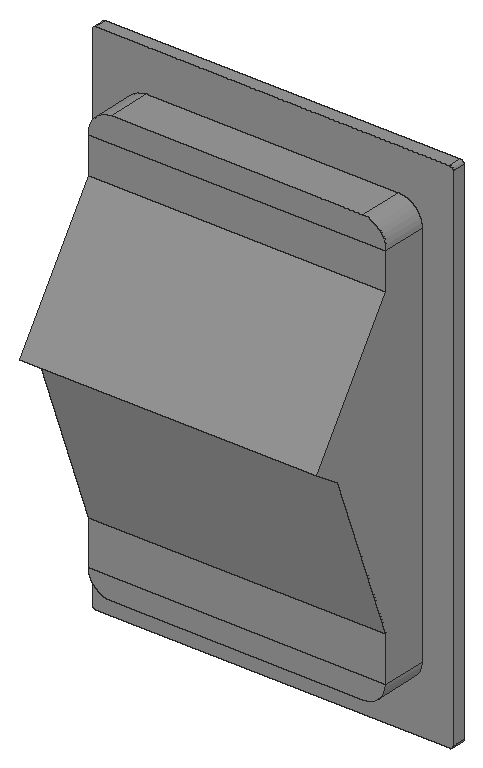
Revit family "L&L_LUCE&LIGHT_PASITO_MINI_1.1", category Lighting Fixtures, host Wall, Revit 2018 (continued)
Types (2, lengths in mm): name | built-in parameter 1150142 | Photometric Web File
    00 0.00 0.00 0.00 0.00 0.00 0.00 0.00 0.00 0.00 0.00 \r\n0.00 0.00 0.00 0.00 0.00 0.00 0.00 0.00 0.00 0.00 0.00 \r\n0.00 0.00 0.00 0.00 0.00 0.00 0.00 0.00 0.00 0.00 0.00 \r\n0.00 0.00 0.00 0.00 0.00 0.00 0.00 0.00 0.00 0.00 0.00 \r\n0.00 0.00 0.00 0.01 0.02 \r\n0.03 0.03 0.02 0.00 0.00 0.00 0.00 0.00 0.00 0.00 0.00 \r\n0.00 0.00 0.00 0.00 0.00 0.00 0.00 0.00 0.00 0.00 0.00 \r\n0.00 0.00 0.00 0.00 0.00 0.00 0.00 0.00 0.00 0.00 0.00 \r\n0.00 0.00 0.00 0.00 0.00 0.00 0.00 0.00 0.00 0.00 0.00 \r\n0.00 0.00 0.00 0.00 0.00 0.00 0.00 0.00 0.00 0.00 0.00 \r\n0.00 0.00 0.00 0.00 0.00 0.00 0.00 0.00 0.00 0.00 0.00 \r\n0.00 0.00 0.00 0.00 0.00 0.00 0.00 0.00 0.00 0.00 0.00 \r\n0.00 0.00 0.00 0.00 0.00 0.00 0.00 0.00 0.00 0.00 0.00 \r\n0.00 0.00 0.00 0.00 0.00 0.00 0.00 0.00 0.00 0.00 0.00 \r\n0.00 0.00 0.00 0.00 0.00 0.00 0.00 0.00 0.00 0.00 0.00 \r\n0.00 0.00 0.00 0.00 0.00 0.00 0.00 0.00 0.00 0.00 0.00 \r\n0.00 0.00 0.00 0.00 0.00 0.00 0.00 0.00 0.00 0.00 0.00 \r\n0.00 0.00 0.00 0.00 0.00 0.00 0.00 0.00 0.00 0.00 0.00 \r\n0.00 0.00 0.00 0.00 0.00 0.00 0.00 0.00 0.00 0.00 0.00 \r\n0.00 0.00 0.00 0.00 0.00 0.00 0.00 0.00 0.00 0.00 0.00 \r\n0.00 0.00 0.00 0.00 0.00 0.00 0.00 0.00 0.00 0.00 0.00 \r\n0.00 0.00 0.01 0.01 0.02 \r\n0.03 0.03 0.02 0.01 0.00 0.00 0.00 0.00 0.00 0.00 0.00 \r\n0.00 0.00 0.00 0.00 0.00 0.00 0.00 0.00 0.00 0.00 0.00 \r\n0.00 0.00 0.00 0.00 0.00 0.00 0.00 0.00 0.00 0.00 0.00 \r\n0.00 0.00 0.00 0.00 0.00 0.00 0.00 0.00 0.00 0.00 0.00 \r\n0.00 0.00 0.00 0.00 0.00 0.00 0.00 0.00 0.00 0.00 0.00 \r\n0.00 0.00 0.00 0.00 0.00 0.00 0.00 0.00 0.00 0.00 0.00 \r\n0.00 0.00 0.00 0.00 0.00 0.00 0.00 0.00 0.00 0.00 0.00 \r\n0.00 0.00 0.00 0.00 0.00 0.00 0.00 0.00 0.00 0.00 0.00 \r\n0.00 0.00 0.00 0.00 0.00 0.00 0.00 0.00 0.00 0.00 0.00 \r\n0.00 0.00 0.00 0.00 0.00 0.00 0.00 0.00 0.00 0.00 0.00 \r\n0.00 0.00 0.00 0.00 0.00 0.00 0.00 0.00 0.00 0.00 0.00 \r\n0.00 0.00 0.00 0.00 0.00 0.00 0.00 0.00 0.00 0.00 0.00 \r\n0.00 0.00 0.00 0.00 0.00 0.00 0.00 0.00 0.00 0.00 0.00 \r\n0.00 0.00 0.00 0.00 0.00 0.00 0.00 0.00 0.00 0.00 0.00 \r\n0.00 0.00 0.00 0.00 0.00 0.00 0.00 0.00 0.00 0.00 0.00 \r\n0.00 0.00 0.00 0.00 0.00 0.00 0.00 0.00 0.00 0.00 0.00 \r\n0.00 0.00 0.01 0.01 0.02 \r\n0.03 0.03 0.03 0.03 0.02 0.01 0.00 0.00 0.00 0.00 0.00 \r\n0.00 0.00 0.00 0.00 0.00 0.00 0.00 0.00 0.00 0.00 0.00 \r\n0.00 0.00 0.00 0.00 0.00 0.00 0.00 0.00 0.00 0.00 0.00 \r\n0.00 0.00 0.00 0.00 0.00 0.00 0.00 0.00 0.00 0.00 0.00 \r\n0.00 0.00 0.00 0.00 0.00 0.00 0.00 0.00 0.00 0.00 0.00 \r\n0.00 0.00 0.00 0.00 0.00 0.00 0.00 0.00 0.00 0.00 0.00 \r\n0.00 0.00 0.00 0.00 0.00 0.00 0.00 0.00 0.00 0.00 0.00 \r\n0.00 0.00 0.00 0.00 0.00 0.00 0.00 0.00 0.00 0.00 0.00 \r\n0.00 0.00 0.00 0.00 0.00 0.00 0.00 0.00 0.00 0.00 0.00 \r\n0.00 0.00 0.00 0.00 0.00 0.00 0.00 0.00 0.00 0.00 0.00 \r\n0.00 0.00 0.00 0.00 0.00 0.00 0.00 0.00 0.00 0.00 0.00 \r\n0.00 0.00 0.00 0.00 0.00 0.00 0.00 0.00 0.00 0.00 0.00 \r\n0.00 0.00 0.00 0.00 0.00 0.00 0.00 0.00 0.00 0.00 0.00 \r\n0.00 0.00 0.00 0.00 0.00 0.00 0.00 0.00 0.00 0.00 0.00 \r\n0.00 0.00 0.00 0.00 0.00 0.00 0.00 0.00 0.00 0.00 0.00 \r\n0.00 0.00 0.00 0.00 0.00 0.00 0.00 0.00 0.00 0.00 0.00 \r\n0.01 0.01 0.01 0.01 0.02 \r\n0.03 0.03 0.03 0.03 0.03 0.03 0.02 0.02 0.01 0.01 0.00 \r\n0.00 0.00 0.00 0.00 0.00 0.00 0.00 0.00 0.00 0.00 0.00 \r\n0.00 0.00 0.00 0.00 0.00 0.00 0.00 0.00 0.00 0.00 0.00 \r\n0.00 0.00 0.00 0.00 0.00 0.00 0.00 0.00 0.00 0.00 0.00 \r\n0.00 0.00 0.00 0.00 0.00 0.00 0.00 0.00 0.00 0.00 0.00 \r\n0.00 0.00 0.00 0.00 0.00 0.00 0.00 0.00 0.00 0.00 0.00 \r\n0.00 0.00 0.00 0.00 0.00 0.00 0.00 0.00 0.00 0.00 0.00 \r\n0.00 0.00 0.00 0.00 0.00 0.00 0.00 0.00 0.00 0.00 0.00 \r\n0.00 0.00 0.00 0.00 0.00 0.00 0.00 0.00 0.00 0.00 0.00 \r\n0.00 0.00 0.00 0.00 0.00 0.00 0.00 0.00 0.00 0.00 0.00 \r\n0.00 0.00 0.00 0.00 0.00 0.00 0.00 0.00 0.00 0.00 0.00 \r\n0.00 0.00 0.00 0.00 0.00 0.00 0.00 0.00 0.00 0.00 0.00 \r\n0.00 0.00 0.00 0.00 0.00 0.00 0.00 0.00 0.00 0.00 0.00 \r\n0.00 0.00 0.00 0.00 0.00 0.00 0.00 0.00 0.00 0.00 0.00 \r\n0.00 0.00 0.00 0.00 0.00 0.00 0.00 0.00 0.00 0.00 0.00 \r\n0.00 0.00 0.00 0.00 0.00 0.00 0.01 0.01 0.01 0.01 0.01 \r\n0.01 0.01 0.01 0.02 0.02 \r\n0.03 0.04 0.04 0.04 0.04 0.05 0.05 0.06 0.06 0.07 0.07 \r\n0.08 0.09 0.09 0.10 0.11 0.12 0.13 0.13 0.14 0.15 0.16 \r\n0.17 0.17 0.18 0.19 0.20 0.21 0.21 0.22 0.23 0.24 0.24 \r\n0.25 0.26 0.26 0.27 0.27 0.28 0.28 0.29 0.29 0.30 0.30 \r\n0.31 0.31 0.32 0.33 0.33 0.34 0.34 0.35 0.36 0.36 0.37 \r\n0.38 0.38 0.39 0.39 0.40 0.41 0.41 0.42 0.43 0.43 0.44 \r\n0.44 0.45 0.46 0.46 0.47 0.47 0.48 0.48 0.49 0.50 0.50 \r\n0.51 0.51 0.52 0.52 0.52 0.53 0.53 0.53 0.54 0.54 0.54 \r\n0.54 0.55 0.55 0.55 0.55 0.55 0.55 0.54 0.54 0.54 0.54 \r\n0.54 0.53 0.53 0.53 0.53 0.52 0.52 0.51 0.51 0.51 0.50 \r\n0.50 0.49 0.49 0.48 0.48 0.47 0.47 0.46 0.46 0.45 0.45 \r\n0.44 0.43 0.43 0.42 0.41 0.41 0.40 0.39 0.38 0.38 0.37 \r\n0.36 0.35 0.35 0.34 0.33 0.32 0.31 0.30 0.30 0.29 0.28 \r\n0.27 0.26 0.25 0.24 0.23 0.22 0.21 0.21 0.20 0.19 0.18 \r\n0.17 0.16 0.15 0.14 0.13 0.12 0.11 0.11 0.10 0.09 0.08 \r\n0.07 0.06 0.05 0.04 0.03 0.03 0.03 0.02 0.02 0.02 0.02 \r\n0.02 0.02 0.02 0.02 0.02 \r\n0.03 0.05 0.07 0.10 0.14 0.17 0.20 0.24 0.28 0.32 0.36 \r\n0.40 0.46 0.55 0.65 0.75 0.84 0.92 1.01 1.10 1.18 1.28 \r\n1.39 1.50 1.62 1.74 1.86 1.98 2.11 2.25 2.38 2.50 2.62 \r\n2.73 2.85 2.98 3.12 3.27 3.43 3.59 3.74 3.87 4.00 4.13 \r\n4.25 4.37 4.49 4.60 4.70 4.80 4.89 4.97 5.04 5.11 5.17 \r\n5.24 5.30 5.36 5.42 5.47 5.53 5.58 5.63 5.67 5.71 5.74 \r\n5.77 5.81 5.84 5.87 5.89 5.91 5.92 5.91 5.91 5.90 5.89 \r\n5.88 5.87 5.86 5.84 5.81 5.78 5.75 5.71 5.67 5.64 5.61 \r\n5.58 5.55 5.51 5.47 5.41 5.35 5.26 5.15 5.02 4.88 4.72 \r\n4.56 4.41 4.26 4.12 3.98 3.85 3.72 3.58 3.45 3.33 3.21 \r\n3.10 3.00 2.90 2.82 2.73 2.64 2.55 2.46 2.38 2.29 2.21 \r\n2.13 2.06 1.98 1.91 1.84 1.77 1.71 1.64 1.58 1.51 1.45 \r\n1.39 1.33 1.27 1.22 1.17 1.13 1.08 1.04 0.99 0.95 0.90 \r\n0.85 0.81 0.77 0.72 0.68 0.65 0.61 0.57 0.54 0.50 0.47 \r\n0.44 0.40 0.37 0.34 0.31 0.28 0.26 0.23 0.20 0.18 0.16 \r\n0.14 0.12 0.10 0.08 0.06 0.05 0.05 0.04 0.04 0.04 0.03 \r\n0.03 0.02 0.02 0.02 0.02 \r\n0.03 0.06 0.11 0.16 0.25 0.35 0.44 0.59 0.72 0.85 1.01 \r\n1.20 1.42 1.65 1.87 2.06 2.24 2.44 2.63 2.81 3.00 3.18 \r\n3.35 3.53 3.72 3.91 4.12 4.33 4.55 4.77 5.01 5.25 5.49 \r\n5.73 5.98 6.24 6.52 6.80 7.08 7.36 7.65 7.93 8.23 8.52 \r\n8.81 9.09 9.34 9.58 9.81 10.02 10.21 10.38 10.53 10.67 \r\n10.81 10.94 11.05 11.17 11.27 11.37 11.46 11.54 11.61 \r\n11.67 11.72 11.76 11.79 11.82 11.85 11.87 11.89 11.91 \r\n11.93 11.94 11.95 11.95 11.94 11.92 11.90 11.87 11.83 \r\n11.80 11.76 11.72 11.67 11.60 11.53 11.44 11.34 11.24 \r\n11.14 11.04 10.94 10.83 10.69 10.52 10.32 10.07 9.80 9.50 \r\n9.19 8.86 8.53 8.19 7.86 7.55 7.25 6.96 6.68 6.41 6.16 \r\n5.93 5.71 5.50 5.30 5.11 4.92 4.74 4.56 4.39 4.23 4.07 \r\n3.93 3.79 3.66 3.52 3.39 3.27 3.14 3.02 2.90 2.79 2.68 \r\n2.57 2.46 2.36 2.26 2.17 2.08 1.99 1.91 1.82 1.74 1.65 \r\n1.56 1.48 1.40 1.33 1.26 1.19 1.13 1.06 1.00 0.93 0.87 \r\n0.81 0.75 0.69 0.64 0.59 0.54 0.49 0.44 0.40 0.35 0.31 \r\n0.27 0.23 0.20 0.17 0.14 0.11 0.09 0.08 0.06 0.05 0.04 \r\n0.03 0.02 0.02 0.02 \r\n0.03 0.07 0.14 0.25 0.40 0.65 0.88 1.13 1.38 1.65 1.94 \r\n2.20 2.44 2.61 2.80 2.98 3.18 3.38 3.60 3.83 4.08 4.36 \r\n4.66 4.97 5.28 5.57 5.87 6.17 6.49 6.84 7.19 7.54 7.89 \r\n8.23 8.58 8.93 9.30 9.68 10.05 10.43 10.82 11.21 11.60 \r\n11.96 12.31 12.66 12.98 13.30 13.59 13.87 14.13 14.35 \r\n14.54 14.71 14.84 14.96 15.08 15.20 15.30 15.40 15.50 \r\n15.58 15.66 15.74 15.82 15.90 15.96 16.03 16.09 16.14 \r\n16.19 16.22 16.25 16.27 16.29 16.30 16.30 16.29 16.27 \r\n16.25 16.21 16.16 16.11 16.04 15.96 15.88 15.80 15.70 \r\n15.60 15.50 15.38 15.26 15.12 14.97 14.80 14.61 14.41 \r\n14.17 13.91 13.62 13.28 12.90 12.49 12.06 11.61 11.16 \r\n10.71 10.26 9.83 9.42 9.03 8.67 8.33 8.02 7.72 7.44 7.17 \r\n6.92 6.68 6.44 6.21 5.99 5.77 5.56 5.35 5.15 4.96 4.79 \r\n4.62 4.45 4.28 4.12 3.97 3.81 3.66 3.51 3.36 3.21 3.08 \r\n2.95 2.82 2.70 2.58 2.45 2.33 2.21 2.10 2.00 1.89 1.79 \r\n1.69 1.59 1.50 1.41 1.32 1.23 1.14 1.06 0.98 0.90 0.83 \r\n0.76 0.69 0.63 0.56 0.50 0.44 0.38 0.33 0.28 0.24 0.20 \r\n0.17 0.14 0.11 0.08 0.05 0.03 0.02 0.02 0.02 \r\n0.03 0.09 0.18 0.34 0.67 1.02 1.38 1.73 2.06 2.37 2.58 \r\n2.75 2.92 3.12 3.36 3.62 3.91 4.23 4.57 4.93 5.30 5.68 \r\n6.07 6.47 6.89 7.31 7.72 8.12 8.52 8.97 9.47 9.92 10.33 \r\n10.78 11.23 11.62 12.03 12.43 12.85 13.28 13.53 13.72 \r\n13.89 14.15 14.42 14.66 14.93 15.03 15.21 15.38 15.54 \r\n15.68 15.82 15.99 16.12 16.21 16.31 16.43 16.57 16.69 \r\n16.79 16.86 16.94 17.03 17.10 17.16 17.23 17.31 17.40 \r\n17.48 17.55 17.60 17.63 17.78 18.16 18.80 19.67 20.72 \r\n22.32 24.49 26.86 29.27 31.45 33.00 33.59 32.92 30.75 \r\n27.38 23.46 19.66 16.72 16.59 16.44 16.25 16.06 15.86 \r\n15.67 15.47 15.26 15.05 14.78 14.51 14.27 14.02 13.74 \r\n13.42 13.06 12.68 12.29 11.89 11.49 11.10 10.72 10.36 \r\n10.00 9.66 9.32 8.99 8.67 8.38 8.09 7.81 7.54 7.27 7.02 \r\n6.78 6.55 6.33 6.11 5.89 5.67 5.46 5.26 5.06 4.87 4.68 \r\n4.49 4.30 4.11 3.93 3.77 3.60 3.45 3.29 3.13 2.97 2.82 \r\n2.68 2.54 2.40 2.27 2.14 2.02 1.90 1.77 1.65 1.53 1.43 \r\n1.32 1.22 1.12 1.03 0.94 0.85 0.77 0.69 0.61 0.54 0.47 \r\n0.40 0.34 0.29 0.24 0.20 0.16 0.11 0.07 0.04 0.02 0.02 \r\n0.02 \r\n0.03 0.10 0.22 0.52 0.96 1.42 1.86 2.23 2.48 2.67 2.85 \r\n3.06 3.31 3.61 3.95 4.31 4.69 5.10 5.54 6.01 6.49 6.97 \r\n7.46 7.93 8.46 9.01 9.54 10.05 10.67 11.51 14.16 16.48 \r\n16.26 19.70 23.75 25.36 23.69 22.77 23.36 26.94 28.03 \r\n26.50 24.90 25.36 27.59 30.09 30.13 29.01 30.28 32.62 \r\n35.28 36.65 37.83 41.24 44.09 48.38 51.87 56.56 61.22 \r\n67.70 74.08 80.29 86.68 93.31 101.22 110.17 118.70 128.21 \r\n137.60 146.31 155.90 165.52 174.40 183.96 194.25 204.21 \r\n215.08 227.27 239.41 249.08 253.29 250.28 238.68 219.40 \r\n193.88 163.68 130.36 96.43 64.73 37.96 18.81 18.38 17.95 \r\n17.52 17.08 16.77 16.61 16.45 16.28 16.11 15.93 15.74 \r\n15.54 15.34 15.16 14.96 14.69 14.38 14.04 13.67 13.30 \r\n12.95 12.61 12.27 11.92 11.55 11.18 10.82 10.47 10.13 \r\n9.81 9.50 9.19 8.88 8.59 8.29 8.01 7.75 7.50 7.25 7.00 \r\n6.74 6.49 6.25 6.02 5.80 5.57 5.35 5.13 4.92 4.71 4.51 \r\n4.31 4.12 3.93 3.75 3.56 3.37 3.19 3.02 2.85 2.69 2.54 \r\n2.38 2.22 2.08 1.94 1.81 1.69 1.55 1.42 1.30 1.19 1.08 \r\n0.97 0.87 0.77 0.68 0.59 0.52 0.45 0.38 0.31 0.26 0.20 \r\n0.15 0.10 0.05 0.02 0.02 0.02 \r\n0.03 0.11 0.25 0.70 1.26 1.79 2.22 2.49 2.67 2.86 3.11 \r\n3.41 3.76 4.16 4.57 5.01 5.49 6.03 6.58 7.14 7.70 8.28 \r\n8.90 9.54 10.32 13.42 22.38 35.88 48.55 56.12 59.40 62.70 \r\n67.35 71.73 73.51 74.70 77.84 81.48 83.78 83.69 84.57 \r\n87.15 89.83 91.28 92.37 93.93 96.30 98.50 100.15 102.31 \r\n105.52 109.20 112.67 115.90 118.93 121.88 124.93 127.86 \r\n130.89 134.09 137.41 140.80 144.09 147.29 150.38 153.48 \r\n156.72 160.18 163.97 168.18 172.57 176.91 181.00 184.73 \r\n188.23 191.73 195.36 198.95 199.58 198.20 193.69 184.83 \r\n165.49 137.30 106.15 76.50 54.19 41.18 31.43 23.84 17.94 \r\n17.82 17.69 17.56 17.43 17.27 17.14 17.02 16.91 16.74 \r\n16.52 16.39 16.29 16.17 16.06 15.91 15.72 15.50 15.25 \r\n14.98 14.70 14.39 14.07 13.74 13.40 13.05 12.71 12.36 \r\n12.01 11.67 11.32 10.98 10.64 10.32 10.01 9.69 9.38 9.06 \r\n8.76 8.47 8.20 7.92 7.65 7.38 7.11 6.85 6.60 6.35 6.11 \r\n5.86 5.62 5.39 5.15 4.91 4.68 4.46 4.26 4.05 3.84 3.63 \r\n3.43 3.25 3.05 2.85 2.67 2.50 2.33 2.17 2.01 1.85 1.71 \r\n1.56 1.42 1.30 1.18 1.05 0.94 0.83 0.72 0.63 0.54 0.47 \r\n0.39 0.32 0.25 0.19 0.12 0.06 0.03 0.02 0.02 \r\n0.03 0.12 0.36 0.91 1.54 2.08 2.42 2.63 2.83 3.09 3.41 \r\n3.80 4.24 4.68 5.17 5.72 6.31 6.90 7.49 8.20 9.07 9.81 \r\n11.11 16.05 30.70 47.46 55.91 58.77 61.02 64.15 67.61 \r\n70.39 72.41 74.45 76.43 77.55 78.14 79.34 81.43 83.60 \r\n85.39 87.12 88.91 90.51 92.18 94.30 96.69 99.06 101.34 \r\n103.65 105.93 108.10 110.35 112.94 115.83 118.87 121.91 \r\n124.81 127.53 130.02 132.34 134.65 137.01 139.49 142.07 \r\n144.80 147.62 150.49 153.31 155.97 158.43 160.78 163.15 \r\n165.75 168.72 171.55 173.24 172.50 168.04 158.88 145.15 \r\n127.21 105.54 81.72 58.42 38.32 24.82 23.05 21.36 19.72 \r\n18.10 18.00 17.89 17.78 17.68 17.58 17.49 17.39 17.29 \r\n17.19 17.08 16.97 16.85 16.71 16.58 16.45 16.33 16.20 \r\n16.05 15.87 15.67 15.42 15.15 14.85 14.54 14.23 13.91 \r\n13.58 13.24 12.90 12.56 12.23 11.89 11.55 11.21 10.88 \r\n10.56 10.23 9.91 9.60 9.29 8.98 8.67 8.38 8.10 7.82 7.54 \r\n7.26 6.99 6.71 6.45 6.19 5.93 5.67 5.41 5.15 4.90 4.66 \r\n4.42 4.20 3.97 3.75 3.53 3.32 3.11 2.90 2.70 2.51 2.32 \r\n2.14 1.98 1.82 1.66 1.50 1.36 1.22 1.09 0.97 0.86 0.74 \r\n0.64 0.55 0.46 0.38 0.29 0.22 0.15 0.08 0.03 0.02 0.02 \r\n0.03 0.13 0.45 1.11 1.79 2.28 2.55 2.74 3.00 3.33 3.73 \r\n4.17 4.64 5.16 5.75 6.38 7.00 7.75 8.81 9.51 11.28 19.48 \r\n34.97 47.72 53.91 57.14 59.54 62.19 65.39 68.13 70.02 \r\n71.59 72.69 73.24 74.24 76.10 78.15 79.96 81.66 83.20 \r\n84.68 86.47 88.48 90.38 92.18 94.03 95.74 97.26 98.93 \r\n100.89 103.02 105.24 107.58 110.00 112.36 114.55 116.57 \r\n118.42 120.16 121.87 123.66 125.55 127.50 129.53 131.72 \r\n134.01 136.42 138.86 141.35 143.64 145.46 146.62 147.39 \r\n148.10 148.98 149.53 149.14 145.35 137.32 123.93 106.32 \r\n86.52 66.96 49.86 36.30 26.35 20.11 19.10 18.82 18.54 \r\n18.27 18.17 18.08 17.99 17.88 17.75 17.67 17.62 17.57 \r\n17.50 17.41 17.31 17.20 17.09 16.99 16.88 16.79 16.69 \r\n16.59 16.47 16.34 16.16 15.95 15.70 15.43 15.15 14.85 \r\n14.54 14.24 13.93 13.60 13.27 12.92 12.59 12.27 11.93 \r\n11.58 11.24 10.91 10.59 10.25 9.92 9.59 9.27 8.96 8.66 \r\n8.36 8.06 7.77 7.48 7.19 6.91 6.63 6.35 6.05 5.78 5.52 \r\n5.25 4.99 4.72 4.46 4.22 3.98 3.73 3.50 3.28 3.07 2.85 \r\n2.63 2.44 2.24 2.05 1.87 1.71 1.55 1.39 1.25 1.10 0.97 \r\n0.85 0.73 0.62 0.53 0.43 0.34 0.25 0.17 0.10 0.04 0.02 \r\n0.02 \r\n0.03 0.14 0.54 1.29 1.99 2.43 2.64 2.86 3.18 3.56 4.00 \r\n4.47 5.00 5.63 6.30 6.94 7.89 8.77 10.09 16.62 31.30 \r\n45.12 52.33 55.12 57.05 59.42 62.18 64.45 66.04 67.18 \r\n67.73 68.34 69.74 71.79 73.61 75.13 76.52 77.88 79.54 \r\n81.44 83.20 84.88 86.61 88.14 89.36 90.57 92.27 94.08 \r\n95.78 97.60 99.48 101.21 102.79 104.25 105.59 106.93 \r\n108.30 109.67 111.04 112.46 113.93 115.46 117.09 118.81 \r\n120.50 122.13 123.82 125.61 127.35 128.77 129.85 130.80 \r\n132.06 133.41 133.90 132.25 127.24 118.07 105.19 89.46 \r\n71.93 54.42 38.96 27.81 23.12 20.44 19.05 18.55 18.43 \r\n18.34 18.26 18.19 18.12 18.04 17.98 17.92 17.85 17.77 \r\n17.70 17.64 17.57 17.50 17.43 17.35 17.26 17.18 17.09 \r\n17.00 16.92 16.83 16.75 16.65 16.53 16.35 16.13 15.87 \r\n15.59 15.31 15.03 14.73 14.42 14.10 13.77 13.44 13.11 \r\n12.79 12.45 12.11 11.76 11.41 11.07 10.75 10.42 10.08 \r\n9.75 9.43 9.09 8.76 8.47 8.15 7.83 7.54 7.25 6.95 6.65 \r\n6.36 6.08 5.78 5.49 5.21 4.93 4.65 4.40 4.15 3.88 3.63 \r\n3.39 3.15 2.94 2.71 2.49 2.29 2.09 1.90 1.72 1.55 1.38 \r\n1.24 1.09 0.95 0.82 0.70 0.59 0.49 0.38 0.28 0.20 0.11 \r\n0.04 0.02 0.02 \r\n0.03 0.14 0.62 1.45 2.16 2.50 2.71 2.98 3.35 3.77 4.22 \r\n4.75 5.39 6.06 6.74 7.75 8.64 10.24 20.49 37.14 48.94 \r\n52.58 54.40 56.55 59.05 61.28 62.58 63.29 63.60 63.83 \r\n64.84 66.57 68.23 69.54 70.69 71.83 73.39 75.07 76.61 \r\n78.19 79.88 81.24 82.18 83.50 85.13 86.65 88.20 89.71 \r\n91.11 92.48 93.80 94.93 95.92 96.84 97.68 98.50 99.35 \r\n100.25 101.18 102.23 103.44 104.60 105.66 106.77 107.93 \r\n109.09 110.27 111.54 112.87 114.08 115.10 115.88 116.30 \r\n116.04 114.38 110.15 102.67 92.01 78.82 64.53 50.55 38.21 \r\n28.45 21.76 19.30 18.92 18.58 18.31 18.24 18.17 18.10 \r\n18.02 17.98 17.95 17.91 17.86 17.81 17.75 17.70 17.66 \r\n17.61 17.56 17.51 17.45 17.40 17.33 17.27 17.20 17.12 \r\n17.04 16.97 16.90 16.83 16.73 16.59 16.39 16.15 15.89 \r\n15.62 15.33 15.04 14.75 14.44 14.11 13.79 13.46 13.13 \r\n12.80 12.46 12.11 11.75 11.42 11.08 10.72 10.38 10.05 \r\n9.73 9.39 9.04 8.72 8.40 8.09 7.77 7.47 7.16 6.84 6.53 \r\n6.23 5.94 5.64 5.34 5.05 4.77 4.48 4.21 3.95 3.68 3.43 \r\n3.19 2.96 2.73 2.50 2.28 2.08 1.88 1.69 1.51 1.34 1.19 \r\n1.04 0.90 0.77 0.64 0.53 0.42 0.31 0.22 0.13 0.05 0.02 \r\n0.02 \r\n0.03 0.15 0.72 1.60 2.26 2.56 2.78 3.10 3.50 3.93 4.43 \r\n5.04 5.72 6.38 7.37 8.31 9.94 21.17 38.92 49.79 52.02 \r\n53.90 56.07 58.41 60.03 60.84 61.21 60.91 61.16 62.40 \r\n63.83 64.82 65.73 66.64 67.84 69.30 70.67 71.92 73.33 \r\n74.70 75.52 76.84 78.41 79.74 81.19 82.60 83.81 84.94 \r\n85.96 86.86 87.58 88.26 88.88 89.51 90.23 90.87 91.48 \r\n92.18 92.90 93.68 94.50 95.31 96.10 96.93 97.69 98.39 \r\n99.14 99.89 100.51 100.94 101.29 101.69 101.82 100.69 \r\n98.46 92.35 82.81 71.08 58.34 45.42 33.64 24.54 20.85 \r\n19.55 18.44 18.12 18.06 18.01 17.96 17.92 17.88 17.86 \r\n17.82 17.78 17.74 17.71 17.68 17.65 17.6
